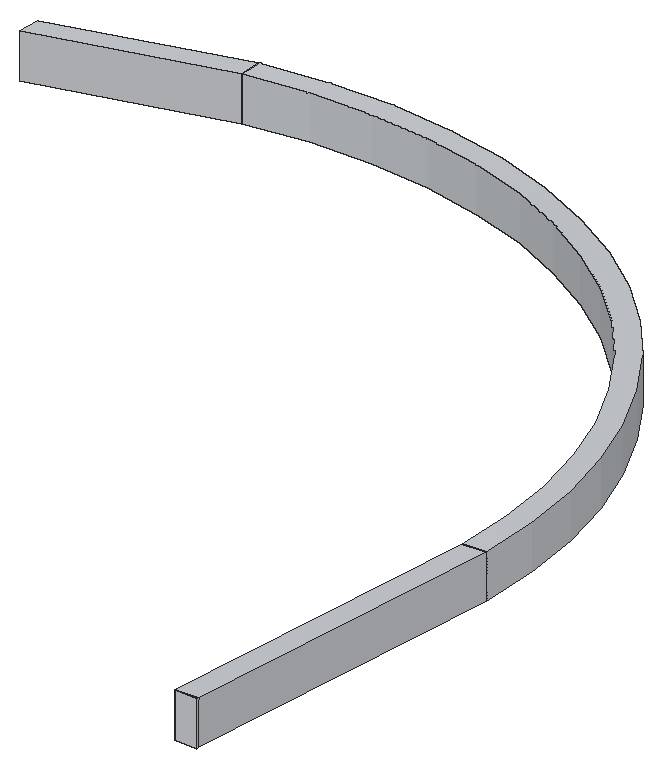
Revit family "車道下RTW(外側)1", category 結構框架, Revit 2014
Parameters (values of type "車道下RTW(外側)")
  Length [instance] = 300 cm
Reference planes (cm)
  plane 1 "中心 (前/後)": y = 0
  plane 2 "中心立面": z = 0
  plane 3 "中心 (左/右)": x = 0
  plane 4 "左": x = -150
  plane 5 "右": x = 150
  plane 6: z = 295
  plane 7: z = 44.33
  plane 8: z = 215.45
  plane 9: through (832.174, -1303.8351, 121.92) normal (-0.1142, 0.9935, 0)
  plane 10: x = 250
  plane 11: through (771.1029, -816.4336, 121.92) normal (-0.1142, 0.9935, 0)
  plane 12: y = -1250
Forms (cm)
  SweptBlend 1, solid
    path origin (0.348, 24.9858, 44) x (1, 0, 0) y (0, 1, 0)
      loop
        arc (249.652, -24.9858) -> (832.8601, -247.2287) -> (1120.2631, -801.2353) r 876.3465
    profile origin (250, 0, 44) x (0, 1, 0) y (0, 0, 1)
      loop
        line (0, 0.33) -> (0, -49.67) -> (25, -49.67) -> (25, 0.33) -> (0, 0.33)
    end profile origin (1120.6112, -776.2495, 44) x (0.993455, 0.114221, 0) y (0, 0, 1)
      loop
        line (0, 121.45) -> (25, 121.45) -> (25, 171.45) -> (0, 171.45) -> (0, 121.45)
  SweptBlend 2, solid
    path origin (0.098, 0, 0) x (1, 0, 0) y (0, 1, 0)
      loop
        line (249.902, 0) -> (-0.098, 0)
    profile origin (250, 0, 0) x (0, -1, 0) y (0, 0, 1)
      loop
        line (0, -5.67) -> (0, 44.33) -> (-25, 44.33) -> (-25, -5.67) -> (0, -5.67)
    end profile origin (0, 0, 0) x (0, -1, 0) y (0, 0, 1)
      loop
        line (0, 0) -> (-25, 0) -> (-25, -50) -> (0, -50) -> (0, 0)
  SweptBlend 3, solid
    path origin (4.9716, 0.5716, 215.998) x (1, 0, 0) y (0, 1, 0)
      loop
        line (1115.6396, -776.8211) -> (1170.1082, -1250.5716)
    profile origin (1120.6112, -776.2495, 215.998) x (0.993455, 0.114221, 0) y (0, 0, 1)
      loop
        line (0, -0.548) -> (0, -50.548) -> (25, -50.548) -> (25, -0.548) -> (0, -0.548)
    end profile origin (1175.0798, -1250, 215.998) x (0.993455, 0.114221, 0) y (0, 0, 1)
      loop
        line (0, 29.002) -> (25, 29.002) -> (25, 79.002) -> (0, 79.002) -> (0, 29.002)
  Extrusion 4, solid
    sketch origin (0, 0, 0) x (1, 0, 0) y (0, 1, 0)
      loop
        line (1175.0798, -1250) -> (1200.2445, -1250) -> (1199.9162, -1247.1445) -> (1175.0798, -1250)
    from 245 to 295
Dimensions and locks (cm)
  plane 6 to plane 8 to plane 7 to plane 2 "中心立面" = 79.55 cm, 171.12 cm, 44.33 cm
  plane 6 to level = 295 cm
  plane 8 to level = 215.45 cm
  aligned and locked: level to plane 2 "中心立面"
